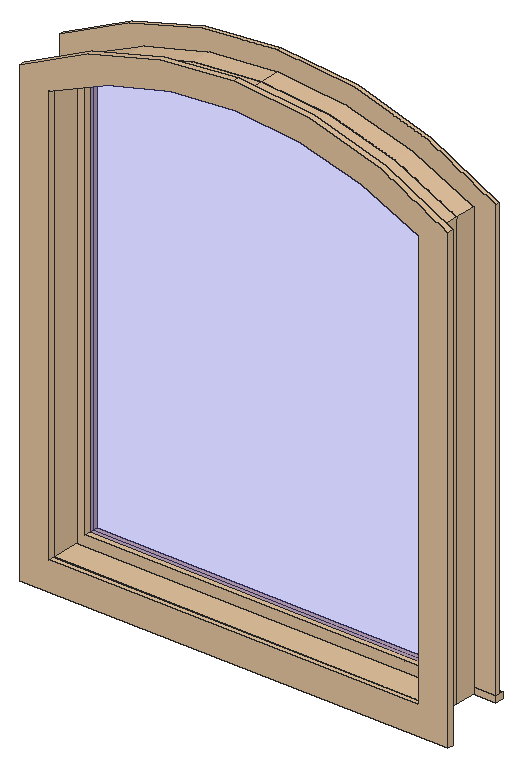
Revit family
Parameters (values of type "1220 x 1525mm")
  유리 창 재료 = 유리
  Height = 1525.00 mm
  반지름 = Width  # 1220.00 mm
  섀시 = 섀시
  기본 씰 높이 = 610.00 mm
  자르기 외부 재료 = 자르기
  자르기 내부 재료 = 자르기
  자르기 투영 - 외부 = 13.00 mm
  자르기 투영 - 내부 = 19.00 mm
  자르기 폭 - 외부 = 89.00 mm
  자르기 폭 - 내부 = 89.00 mm
  Wall Closure = (empty or 0)
  Width = 1220.00 mm
Types (7, lengths in mm): name | Height | 반지름 | 기본 씰 높이 | Width
  (no name) | 1525.00 | 1220.00 | 610.00 | 1220.00
  0610 x 0610mm | 610.00 | 610.00 | 915.00 | 610.00
  1220 x 1525mm | 1525.00 | 1220.00 | 610.00 | 1220.00
  0610 x 1525mm | 1525.00 | 610.00 | 915.00 | 610.00
  1830 x 2438mm | 2438.00 | 1830.00 | 305.00 | 1830.00
  1830 x 1525mm | 1525.00 | 1830.00 | 610.00 | 1830.00
  1220 x 2438mm | 2438.00 | 1220.00 | 305.00 | 1220.00
Reference planes
  plane 1: y = 0
  plane 2 "중심": x = 11.98
  plane 3 "씰": z = 610
  plane 4: z = 915
  plane 5: x = 621.98
  plane 6 "오른쪽": x = -598.02
  plane 7 "상단": z = 2135
  plane 8: x = -566.27
  plane 9: x = -578.97
  plane 10: x = -655.27
  plane 11: x = -667.97
  plane 12: x = 590.23
  plane 13: x = 602.93
  plane 14: x = 679.23
  plane 15: x = 691.93
  plane 16: z = 2204.95
  plane 17: z = 2192.25
  plane 18: z = 2115.95
  plane 19: z = 2103.25
  plane 20: z = 641.75
  plane 21: z = 552.75
  plane 22 "마무리": y = 28.575
Forms (mm)
  Extrusion 1, solid, material "자르기" <- "자르기 외부 재료"
    sketch origin (11.98, 0, 0) x (1, 0, 0) y (0, 0, 1)
      loop
        line (-610, 1971.551) -> (-610, 610) -> (610, 610) -> (610, 1971.551)
        arc (610, 1971.551) -> (315.759, 2093.43) -> (0, 2135) r 1220
        arc (0, 2135) -> (-315.759, 2093.43) -> (-610, 1971.551) r 1220
      loop
        line (-590.95, 1962.558) -> (-590.95, 629.05) -> (590.95, 629.05) -> (590.95, 1962.558)
        arc (590.95, 1962.558) -> (305.494, 2078.303) -> (0, 2117.747) r 1202.747
        arc (0, 2117.747) -> (-305.494, 2078.303) -> (-590.95, 1962.558) r 1202.747
    from -76.2 to -12.7
  Extrusion 2, solid, material "자르기" <- "자르기 내부 재료"
    sketch origin (11.98, 0, 0) x (-1, 0, 0) y (0, 0, 1)
      loop
        line (-610, 1971.551) -> (-610, 610) -> (610, 610) -> (610, 1971.551)
        arc (610, 1971.551) -> (315.759, 2093.43) -> (0, 2135) r 1220
        arc (0, 2135) -> (-315.759, 2093.43) -> (-610, 1971.551) r 1220
      loop
        line (-578.25, 1956.504) -> (-578.25, 641.75) -> (578.25, 641.75) -> (578.25, 1956.504)
        arc (578.25, 1956.504) -> (298.664, 2068.215) -> (0, 2106.262) r 1191.262
        arc (0, 2106.262) -> (-298.664, 2068.215) -> (-578.25, 1956.504) r 1191.262
    from 12.7 to -76.2
  Extrusion 3, solid, material "유리" <- "유리 창 재료"
    sketch origin (-112.99, 0, -117.036) x (1, 0, 0) y (0, 0, 1)
      loop
        line (-421.529, 2055.167) -> (-421.529, 790.536) -> (671.471, 790.536) -> (671.471, 2055.167)
        arc (671.471, 2055.167) -> (406.652, 2157.253) -> (124.971, 2191.975) r 1159.939
        arc (124.971, 2191.975) -> (-156.711, 2157.253) -> (-421.529, 2055.167) r 1159.939
    from -41.275 to -28.575
  Extrusion 4, solid, material "자르기" <- "자르기 내부 재료"
    sketch origin (11.98, 0, 0) x (1, 0, 0) y (0, 0, 1)
      loop
        line (-578.25, 1953.058) -> (-578.25, 641.75) -> (578.25, 641.75) -> (578.25, 1953.058)
        arc (578.25, 1953.058) -> (298.718, 2065.089) -> (0, 2103.25) r 1188.25
        arc (0, 2103.25) -> (-298.718, 2065.089) -> (-578.25, 1953.058) r 1188.25
      loop
        line (-667.25, 1994.491) -> (-667.25, 552.75) -> (667.25, 552.75) -> (667.25, 1994.491)
        arc (667.25, 1994.491) -> (346.829, 2135.751) -> (0, 2184.064) r 1269.064
        arc (0, 2184.064) -> (-346.829, 2135.751) -> (-667.25, 1994.491) r 1269.064
    from 76.2 to 95.2
  Extrusion 5, solid, material "자르기" <- "자르기 외부 재료"
    sketch origin (11.98, 0, 0) x (-1, 0, 0) y (0, 0, 1)
      loop
        arc (-590.95, 1960.495) -> (-305.528, 2076.436) -> (0, 2115.95) r 1200.95
        arc (0, 2115.95) -> (305.528, 2076.436) -> (590.95, 1960.495) r 1200.95
        line (590.95, 1960.495) -> (590.95, 629.05) -> (679.95, 629.05) -> (679.95, 2001.623)
        arc (679.95, 2001.623) -> (353.708, 2147.06) -> (0, 2196.828) r 1281.828
        arc (0, 2196.828) -> (-353.708, 2147.06) -> (-679.95, 2001.623) r 1281.828
        line (-679.95, 2001.623) -> (-679.95, 629.05) -> (-590.95, 629.05) -> (-590.95, 1960.495)
    from 76.2 to 89.2
  Extrusion 6, solid, material "자르기" <- "자르기 외부 재료"
    sketch origin (11.98, 0, 0) x (-1, 0, 0) y (0, 0, 1)
      loop
        line (-679.95, 629.05) -> (-679.95, 610) -> (679.95, 610) -> (679.95, 629.05) -> (-679.95, 629.05)
    from 76.2 to 101.9
  Extrusion 7, solid, material "섀시" <- "섀시"
    sketch origin (-1528.05, 76.2, 0) x (-1, 0, 0) y (0, 0, 1)
      loop
        line (-2126.93, 1960.495) -> (-2126.93, 641.75) -> (-945.03, 641.75) -> (-945.03, 1960.495)
        arc (-945.03, 1960.495) -> (-1230.453, 2076.436) -> (-1535.98, 2115.95) r 1200.95
        arc (-1535.98, 2115.95) -> (-1841.508, 2076.436) -> (-2126.93, 1960.495) r 1200.95
      loop
        line (-2082.48, 1937.831) -> (-2082.48, 673.5) -> (-989.48, 673.5) -> (-989.48, 1937.831)
        arc (-989.48, 1937.831) -> (-1254.294, 2039.944) -> (-1535.98, 2074.675) r 1159.675
        arc (-1535.98, 2074.675) -> (-1817.666, 2039.944) -> (-2082.48, 1937.831) r 1159.675
    from -63.5 to -19.05
Lines and regions (mm)
  Opening 1
    outline origin (-1524, -76.2, 0) x (1, 0, 0) y (0, 0, 1)
      loop
        arc (1535.98, 2135) -> (1220.221, 2093.43) -> (925.98, 1971.551) r 1220
        line (925.98, 1971.551) -> (925.98, 610) -> (2145.98, 610) -> (2145.98, 1971.551)
        arc (2145.98, 1971.551) -> (1851.74, 2093.43) -> (1535.98, 2135) r 1220
  symbolic lines, style "Windows"
    curve 1: line (-598.02, 76.2, 0) -> (-578.97, 76.2, 0)
    curve 2: line (-598.02, -76.2, 0) -> (-566.27, -76.2, 0)
    curve 3: line (-578.97, 76.2, 0) -> (-578.97, 12.7, 0)
    curve 4: line (-578.97, 12.7, 0) -> (-534.52, 12.7, 0)
    curve 5: line (-566.27, -76.2, 0) -> (-566.27, 12.7, 0)
    curve 6: line (-578.97, 57.15, 0) -> (-534.52, 57.15, 0)
    curve 7: line (-534.52, 57.15, 0) -> (-534.52, 12.7, 0)
    curve 8: line (558.48, 56.494, 0) -> (558.48, 12.7, 0)
    curve 9: line (602.93, 76.2, 0) -> (621.98, 76.2, 0)
    curve 10: line (590.23, 12.7, 0) -> (590.23, -76.2, 0)
    curve 11: line (558.48, 12.7, 0) -> (602.93, 12.7, 0)
    curve 12: line (602.93, 76.2, 0) -> (602.93, 12.7, 0)
    curve 13: line (590.23, -76.2, 0) -> (621.98, -76.2, 0)
    curve 14: line (558.48, 56.494, 0) -> (602.93, 56.494, 0)
    curve 15: line (-534.52, 34.925, 0) -> (558.48, 34.925, 0)
Text (mm)
  text "외부" at (0, -1094.548, 2674.316), in view "오른쪽"
  text "외부" at (-1563.035, 723.012, 0), in view "바닥 선"
  text "외부" at (0, 591.08, 2525.369), in view "왼쪽"
Dimensions and locks
  equal spacing: plane 6 "오른쪽", plane 2 "중심", plane 5
  "Width": plane 6 "오른쪽" to plane 5
  "기본 씰 높이": host wall to plane 3 "씰"
  "Height": plane 3 "씰" to plane 7 "상단"
  "반지름": plane 4 to plane 7 "상단"
  locked: Extrusion 6 sketch curve to Extrusion 1 at 19.05
  locked: Extrusion 5 sketch curve to plane 7 "상단" at 19.05
  locked: Extrusion 4 sketch curve to plane 7 "상단" at 31.75
  locked: Extrusion 6 to Extrusion 5 at 12.7
  locked: Extrusion 3 to Extrusion 3 at 12.7
  "자르기 투영 - 내부": Extrusion 4 to Extrusion 4
  "자르기 투영 - 외부": Extrusion 5 to Extrusion 5
  locked: plane 6 "오른쪽" to plane 9 at 19.05
  locked: plane 6 "오른쪽" to plane 8 at 31.75
  locked: plane 13 to plane 5 at 19.05
  locked: plane 12 to plane 5 at 31.75
  "자르기 폭 - 외부": plane 15 to plane 13
  "자르기 폭 - 외부": plane 9 to plane 11
  locked: plane 18 to plane 7 "상단" at 19.05
  "자르기 폭 - 외부": plane 18 to plane 16
  locked: plane 7 "상단" to plane 19 at 31.75
  locked: plane 20 to plane 3 "씰" at 31.75
  "자르기 폭 - 내부": plane 20 to plane 21
  "자르기 폭 - 내부": plane 14 to plane 12
  "자르기 폭 - 내부": plane 8 to plane 10
  "자르기 폭 - 내부": plane 17 to plane 19
  plane 4 to Extrusion 5 sketch curve = 0.00 mm
  plane 2 "중심" to Extrusion 5 sketch curve = 0.00 mm
  Extrusion 5 sketch curve to plane 2 "중심" = 0.00 mm
  Extrusion 5 sketch curve to plane 4 = 0.00 mm
  Extrusion 4 sketch curve to plane 4 = 0.00 mm  (x2)
  Extrusion 4 sketch curve to plane 2 "중심" = 0.00 mm  (x2)
  Opening 1 sketch curve to plane 2 "중심" = 0.00 mm
  Opening 1 sketch curve to plane 4 = 0.00 mm
  Extrusion 1 sketch curve to plane 4 = 0.00 mm  (x2)
  Extrusion 1 sketch curve to plane 2 "중심" = 0.00 mm  (x2)
  Extrusion 3 sketch curve to plane 4 = 0.00 mm
  Extrusion 3 sketch curve to plane 2 "중심" = 0.00 mm
  plane 19 to Extrusion 3 sketch curve = 28.311 mm
  plane 2 "중심" to Extrusion 7 sketch curve = 4.05 mm  (x2)
  Extrusion 7 sketch curve to plane 4 = 0.00 mm  (x2)
  Extrusion 7 sketch curve to plane 19 = 28.575 mm
  Extrusion 7 sketch curve to Extrusion 7 sketch curve = 44.45 mm  (x2)
  locked: plane 22 "마무리" to host wall at 47.625
  locked: curve 14 to host wall at 19.706
  aligned and locked: plane 2 "중심" to Opening 1 sketch curve
  aligned and locked: Opening 1 sketch curve to plane 5
  aligned and locked: Opening 1 sketch curve to Opening 1 sketch curve
  aligned and locked: plane 3 "씰" to Opening 1 sketch curve
  aligned and locked: Opening 1 sketch curve to plane 6 "오른쪽"
  aligned and locked: Opening 1 sketch curve to plane 3 "씰"
  aligned and locked: Extrusion 4 sketch curve to Extrusion 2  (x2)
  aligned and locked: Extrusion 5 sketch curve to Extrusion 1  (x2)
  aligned and locked: Extrusion 6 sketch curve to Extrusion 5  (x2)
  aligned and locked: plane 2 "중심" to Extrusion 5 sketch curve  (x2)
  aligned and locked: plane 2 "중심" to Extrusion 4 sketch curve  (x2)
  aligned and locked: Extrusion 4 sketch curve to Extrusion 4 sketch curve
  aligned and locked: plane 2 "중심" to Extrusion 1 sketch curve  (x2)
  aligned and locked: plane 5 to Extrusion 1 sketch curve
  aligned and locked: Extrusion 1 sketch curve to plane 6 "오른쪽"
  aligned and locked: plane 2 "중심" to Extrusion 2 sketch curve  (x2)
  aligned and locked: Extrusion 5 to host wall
  aligned and locked: Extrusion 6 to host wall
  aligned and locked: host wall to Extrusion 1
  aligned and locked: Extrusion 4 to host wall
  aligned and locked: host wall to Extrusion 2
  aligned and locked: Extrusion 1 to Extrusion 2
  aligned and locked: curve 1 to Extrusion 1  (x2)
  aligned and locked: Extrusion 2 to curve 2
  aligned and locked: curve 2 to Extrusion 2
  aligned and locked: curve 3 to Extrusion 1
  aligned and locked: Extrusion 1 to curve 4
  aligned and locked: curve 5 to Extrusion 2
  aligned and locked: curve 9 to Extrusion 1
  aligned and locked: curve 10 to Extrusion 2  (x2)
  aligned and locked: curve 12 to Extrusion 1
  aligned and locked: Extrusion 2 to curve 13
Automatic sketch dimensions
  Opening 1 sketch curve to plane 7 "상단" = 0.00 mm
  plane 6 "오른쪽" to Extrusion 1 sketch curve = 19.05 mm
  Extrusion 1 sketch curve to plane 5 = 19.05 mm
  Extrusion 1 sketch curve to plane 3 "씰" = 0.00 mm
  Extrusion 1 sketch curve to plane 4 = 0.00 mm  (x2)
  Extrusion 1 sketch curve to plane 7 "상단" = 0.00 mm
  Extrusion 1 sketch curve to plane 3 "씰" = 19.05 mm
  Extrusion 1 sketch curve to Extrusion 1 sketch curve = 8.993 mm
  Extrusion 2 sketch curve to plane 3 "씰" = 0.00 mm
  Extrusion 2 sketch curve to plane 5 = 0.00 mm
  Extrusion 2 sketch curve to plane 6 "오른쪽" = 0.00 mm
  Extrusion 2 sketch curve to plane 5 = 31.75 mm
  plane 6 "오른쪽" to Extrusion 2 sketch curve = 31.75 mm
  Extrusion 2 sketch curve to plane 4 = 0.00 mm  (x4)
  Extrusion 2 sketch curve to plane 7 "상단" = 0.00 mm
  Extrusion 2 sketch curve to plane 3 "씰" = 31.75 mm
  Extrusion 2 sketch curve to Extrusion 2 sketch curve = 15.047 mm
  Extrusion 6 sketch curve to plane 11 = 0.00 mm
  Extrusion 4 sketch curve to plane 10 = 0.00 mm
  Extrusion 4 sketch curve to plane 14 = 0.00 mm
  Extrusion 4 sketch curve to plane 21 = 0.00 mm
  Extrusion 4 sketch curve to plane 4 = 0.00 mm  (x2)
  Extrusion 4 sketch curve to Extrusion 4 sketch curve = 41.433 mm
  Extrusion 5 sketch curve to plane 15 = 0.00 mm
  Extrusion 5 sketch curve to plane 13 = 0.00 mm
  Extrusion 5 sketch curve to plane 11 = 0.00 mm
  Extrusion 5 sketch curve to plane 4 = 0.00 mm  (x2)
  Extrusion 5 sketch curve to plane 3 "씰" = 19.05 mm
  Extrusion 5 sketch curve to Extrusion 5 sketch curve = 41.129 mm
  Extrusion 3 sketch curve to plane 4 = 0.00 mm
  plane 6 "오른쪽" to Extrusion 3 sketch curve = 63.50 mm
  Extrusion 3 sketch curve to plane 5 = 63.50 mm
  Extrusion 3 sketch curve to plane 3 "씰" = 63.50 mm
  Extrusion 7 sketch curve to plane 13 = 4.05 mm
  Extrusion 7 sketch curve to plane 9 = 4.05 mm
  Extrusion 7 sketch curve to plane 4 = 0.00 mm  (x2)
  Extrusion 7 sketch curve to plane 20 = 0.00 mm
  Extrusion 7 sketch curve to plane 18 = 0.00 mm
  Extrusion 7 sketch curve to Extrusion 7 sketch curve = 31.75 mm
  curve 9 to plane 5 = 0.00 mm
  curve 13 to plane 5 = 0.00 mm
  plane 8 to curve 6 = 31.75 mm
  curve 8 to plane 12 = 31.75 mm
  curve 15 to plane 22 "마무리" = 6.35 mm
  curve 6 to host wall = 19.05 mm
